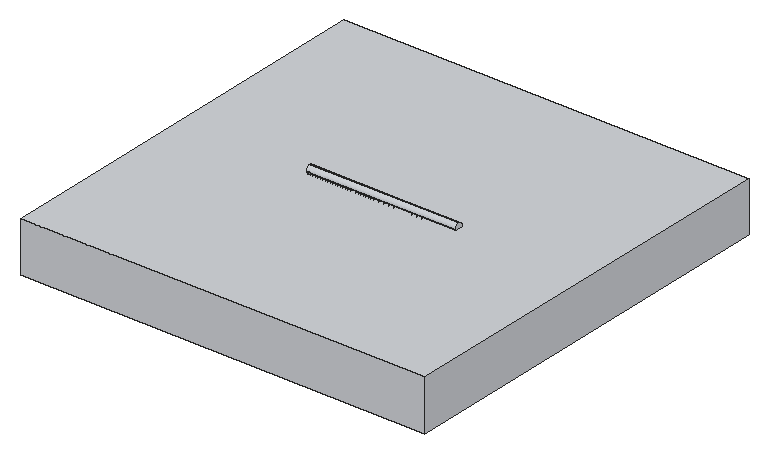
Revit family "設備サポート_I形(円形)_2023", category 一般モデル, Revit 2023
Family settings
  ホスト = 面
  鉄筋をホスト可能 = いいえ
  丸型コネクタ寸法 = 直径を使用
  パーツ タイプ = 標準
  ロード時にボイドで切り取り = いいえ
  注釈の向きを維持 = いいえ
  共有 = いいえ
  部屋計算ポイント = いいえ
Parameters
  長さ1 [instance] = 900.000000000 mm
  構造マテリアル [instance] = none
  既定の高さ = 1219.200000000 mm
  幅1 [instance] = 50.000000000 mm
Reference planes
  plane 1 "中心(正面/背面)": y = 0
  plane 2: z = 0
  plane 3 "中心(左/右)": x = 0
  plane 4: y = 25
  plane 5: y = -25
  plane 6: z = 0
  plane 7: z = 25
  plane 8: z = -25
Forms (mm)
  Extrusion 1, solid
    sketch origin (0, 0, 0) x (1, 0, 0) y (0, 1, 0)
      loop
        line (-1219.2, 1219.2) -> (-1219.2, -1219.2) -> (1219.2, -1219.2) -> (1219.2, 1219.2) -> (-1219.2, 1219.2)
    from 0 to -304.8
  Extrusion 2, solid, material <- "構造マテリアル"
    sketch origin (0, 0, -37.5) x (0, 1, 0) y (0, 0, 1)
      loop
        arc (0, 62.5) -> (-17.678, 55.178) -> (-25, 37.5) r 25
        arc (-25, 37.5) -> (-17.678, 19.822) -> (0, 12.5) r 25
        arc (0, 12.5) -> (17.678, 19.822) -> (25, 37.5) r 25
        arc (25, 37.5) -> (17.678, 55.178) -> (0, 62.5) r 25
    from -450 to 450
Lines and regions (mm)
  reference lines
    curve 1: line (-450, -25, 0) -> (-450, 25, 0)
    curve 2: line (450, 25, 0) -> (450, -25, 0)
    curve 3: line (450, -25, 0) -> (-450, -25, 0)
    curve 4: line (-450, 25, 0) -> (450, 25, 0)
    curve 5: line (-450, 0, 25) -> (450, 0, 25)
Dimensions and locks
  equal spacing: curve 1, plane 3 "中心(左/右)", curve 2
  "長さ1": curve 1 to curve 2
  equal spacing: curve 5, plane 3 "中心(左/右)", curve 5
  equal spacing: curve 3, plane 3 "中心(左/右)", curve 3
  "長さ1": curve 5 to curve 5
  "長さ1": curve 3 to curve 3
  "幅1": curve 4 to curve 3
  equal spacing: curve 3, curve 5, curve 4
  "幅1": plane 4 to plane 5
  equal spacing: plane 4, plane 1 "中心(正面/背面)", plane 5
  Extrusion 2 to plane 6 = 0.000000000 mm
  equal spacing: plane 7, level, plane 8
  "幅1": plane 7 to plane 8
  curve 1 to plane 3 "中心(左/右)" = 450.000000000 mm
  plane 3 "中心(左/右)" to Extrusion 2 = 450.000000000 mm
  aligned and locked: plane 2 to Extrusion 1
  aligned and locked: level to Extrusion 1
  aligned and locked: plane 4 to Extrusion 2 sketch curve
  aligned and locked: plane 5 to Extrusion 2 sketch curve
  aligned and locked: Extrusion 2 to curve 1
  aligned and locked: Extrusion 2 to curve 2
  aligned and locked: curve 5 to plane 7
Automatic sketch dimensions
  Extrusion 2 sketch curve to Extrusion 2 sketch curve = 0.000000000 mm  (x13)
  Extrusion 2 sketch curve to level = 0.000000000 mm
  Extrusion 2 sketch curve to plane 1 "中心(正面/背面)" = 0.000000000 mm
  Extrusion 1 sketch curve to Extrusion 1 sketch curve = 2438.400000000 mm  (x2)
